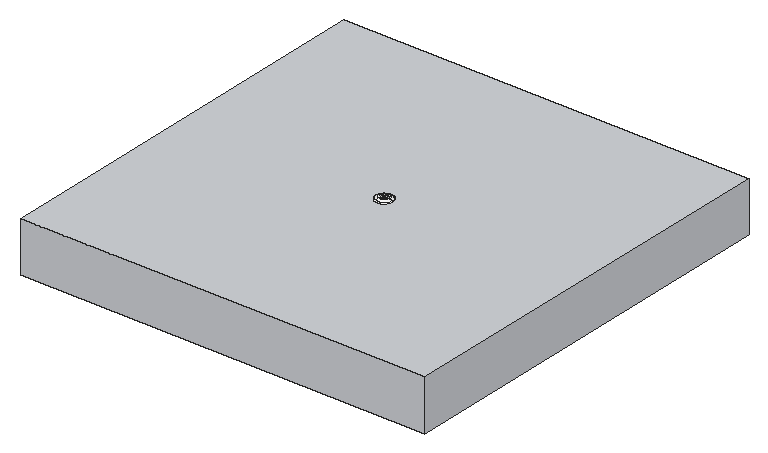
Revit family "Legrand_Lighting_Management_SCS_Presence_Sensor_Ceiling", category Dispositifs d'éclairage, Revit 2020
Family settings
  Hôte = Face
  Conserver l'orientation des annotations = Non
  Cote de connecteur circulaire = Utiliser le diamètre
  Type d'élément = Normal
  Couper avec des vides une fois chargée = Non
  Partagée = Non
  Point de calcul de pièce = Non
Parameters (values of type "SCS PIR motion 360° 4m")
  Zone de détection - Présence [instance] = and([Présence SCS PIR/US 360° 4m], Detection area)  # no
  Zone de détection - Mouvement [instance] = and(Mouvement SCS PIR 360° 4m, Detection area)  # no
  Voltage type = ""
  URL = "http://www.legrandoc.com/048820"
  Temperature (MIN) (°C) = 0
  Temperature (MAX) (°C) = 0
  Suitable for wireless transmission = no
  Substation input = no
  Response value sensitivity adjustable = yes
  Response value luminosity adjustable = yes
  Response value luminosity (MIN) (lx) = 0
  Response value luminosity (MAX) (lx) = 0
  Remote operation = no
  RAL-number (akin) = 9003
  Présence SCS PIR/US 360° 4m = no
  Nominal voltage (V) = 0
  Mouvement SCS PIR 360° 4m = yes
  Mounting method = "Flush mounted (plaster)"
  Modèle = "048820"
  Model = "Movement sensor"
  Min. switch-on time (s) = 30
  Maximum mounting height (m) = 2.5
  Max. transmission range sideways (m) = 4
  Max. transmission range frontally (m) = 0
  Max. switching power (W) = 0
  Max. starting current (A) = 0
  Max. duty cycle (mn) = 256
  Liaison neutre = no
  HVAC-control = no
  General Conditions of Use = "https://export.legrand.com/en/terms-of-use-BIM-objects"
  Frequency (MIN) (Hz) = 0
  Frequency (MAX) (Hz) = 0
  Forced switch off = no
  Fabricant = "Legrand"
  Etiquette - Présence [instance] = and([Présence SCS PIR/US 360° 4m], Tag)  # no
  Etiquette - Mouvement [instance] = and(Mouvement SCS PIR 360° 4m, Tag)  # no
  Default Elevation = 1219.2 mm
  Dim function with dimmer basic element = no
  Diameter detection range on floor (m) = 8
  Detection angle horizontal (MIN) (°) = 0
  Detection angle horizontal (MAX) (°) = 360
  Description = "Lighting management--wall mounting-IR-360°-for 47 m² areas - flush mounting"
  Degree of protection (IP) = ""
  Cosses d'artère secondaire = no
  Constant light control = yes
  Colour = White
  Collecteur de terre = no
  Detection area [instance] = no
  Tag [instance] = no
  Alarm function = no
Types (3, lengths in mm): name | URL | Présence SCS PIR/US 360° 4m | Mouvement SCS PIR 360° 4m | Modèle | Diameter detection range on floor (m) | Description
  (no name) | "http://www.legrandoc.com/048820" | no | yes | "048820" | 8 | "Lighting management--wall mounting-IR-360°-for 47 m² areas - flush mounting"
  SCS PIR motion 360° 4m | "http://www.legrandoc.com/048820" | no | yes | "048820" | 8 | "Lighting management--wall mounting-IR-360°-for 47 m² areas - flush mounting"
  SCS PIR/US presence 360° 4m | "http://www.legrandoc.com/048822" | yes | no | "048822" | 11 | "Lighting management--wall mounting-DT-360°-for 93 m² areas - flush mounting"
Reference planes
  plane 1 "Centre (avant/arrière)": y = 0
  plane 2: z = 0
  plane 3 "Centre (gauche/droite)": x = 0
Forms (mm)
  Extrusion 1, solid
    sketch origin (0, 0, 0) x (1, 0, 0) y (0, 1, 0)
      loop
        line (-1219.2, 1219.2) -> (-1219.2, -1219.2) -> (1219.2, -1219.2) -> (1219.2, 1219.2) -> (-1219.2, 1219.2)
    from 0 to -304.8
Dimensions and locks
  aligned and locked: plane 2 to Extrusion 1
  aligned and locked: level to Extrusion 1
Nested families
  nested 1: "Modelisation 6" at (0, 0, -35), visible <- "Mouvement SCS PIR 360° 4m", type "Modelisation 6"
  nested 2: "Modélisation 7" at (0, 0, -42.45), visible <- "Présence SCS PIR/US 360° 4m", type "Modélisation 7"
  nested 3: "Zone de détection - Présence" at (0, 0, 0), visible <- "Zone de détection - Présence", type "Zone de détection - Présence"
  nested 4: "Zone de détection - Mouvement" at (0, 0, 0), visible <- "Zone de détection - Mouvement", type "Zone de détection - Mouvement"
  nested 5: "Etiquette de zone" at (-40, 3836.604, 0), visible <- "Etiquette - Mouvement", type "Etiquette de zone Mouvement"
  nested 6: "Etiquette de zone" at (-40, 5396.604, 0), visible <- "Etiquette - Présence", type "Etiquette de zone Présence"
Connectors
  electrical at (0, 0, 0)
    settings: index 1, voltage 230 V, apparent load 0 VA, apparent load phase1 0 VA, apparent load phase2 0 VA, apparent load phase3 0 VA, power factor 1, load classification "Eclairage", number of poles 1, system type 30, power factor state 1, is connector primary yes, connector utility no, sub classification motor no, connector description ""
Definition of nested family "Modelisation 6"
  Parameters (values of type "Modelisation 6")
    Matériau couleur = none
    built-in parameter 1140140 [instance] = 1 (stored number, unit not read)
    Default Elevation = 0 mm
    built-in parameter 1140142 [instance] = -1
    built-in parameter 1155100 [instance] = -1
  Reference planes
    plane 1 "Centre (avant/arrière)": y = 0
    plane 2: z = 0
    plane 3 "Centre (gauche/droite)": x = 0
    plane 4: z = 0
  Forms (mm)
    Extrusion 1, solid, material <- "Matériau couleur"
      sketch origin (0, 0, 0) x (1, 0, 0) y (0, 1, 0)
        loop
          line (-26, 25) -> (-26, -25) -> (26, -25) -> (26, 25) -> (-26, 25)
      from 0 to 35
    Extrusion 2, void
      sketch origin (0, 0, 0) x (1, 0, 0) y (0, 0, 1)
        loop
          line (-6, 0) -> (26, 0) -> (26, 15.035) -> (-6, 15.035) -> (-6, 0)
      from 0 to 25
    Revolve 3, solid, material <- "Matériau couleur"
      sketch origin (1.358, 0.055, -26.338) x (0, 0, 1) y (-1, 0, 0)
        loop
          arc (61.338, -49.642) -> (62.26, -46.64) -> (63.386, -43.708) r 45.62
          arc (63.386, -43.708) -> (66.838, -36.184) -> (70.721, -28.872) r 142.583
          arc (70.721, -28.872) -> (71.869, -25.627) -> (72.338, -22.217) r 16.945
          line (72.338, -22.217) -> (72.338, 1.358) -> (61.338, 1.358) -> (61.338, -49.642)
        axis (61.338, 1.358) -> (72.338, 1.358)
      angle from 0 to 360
    Extrusion 4, void
      sketch origin (50.589, 0.055, 0) x (0, -1, 0) y (1, 0, 0)
        loop
          arc (-4.645, -21.741) -> (-6.31, -22.43) -> (-7, -24.096) r 2.355
          line (-7, -24.096) -> (-7, -30.749) -> (7, -30.749) -> (7, -24.096)
          arc (7, -24.096) -> (6.31, -22.43) -> (4.645, -21.741) r 2.355
          line (4.645, -21.741) -> (-4.645, -21.741)
      from 41 to 46
    Revolve 5, solid
      sketch origin (1.358, 0.055, -34.438) x (0, 0, 1) y (-1, 0, 0)
        loop
          line (83.37, -17.589) -> (86.438, -11.067) -> (86.438, 1.358) -> (80.438, 1.358) -> (80.438, -19.642) -> (83.37, -17.589)
        axis (80.438, 1.358) -> (86.438, 1.358)
      angle from 0 to 360
  Cuts and joins
    Extrusion 2 cuts Extrusion 1
    Extrusion 4 cuts Revolve 3
  Dimensions and locks
    aligned and locked: level to plane 2
    aligned and locked: Extrusion 1 to plane 4
Definition of nested family "Modélisation 7"
  Parameters (values of type "Modélisation 7")
    Matériau couleur = none
    built-in parameter 1140140 [instance] = 1 (stored number, unit not read)
    Default Elevation = 0 mm
    built-in parameter 1140142 [instance] = -1
    built-in parameter 1155100 [instance] = -1
  Reference planes
    plane 1 "Centre (avant/arrière)": y = 0
    plane 2: z = 0
    plane 3 "Centre (gauche/droite)": x = 0
    plane 4: z = 0
  Forms (mm)
    Extrusion 1, solid, material <- "Matériau couleur"
      sketch origin (0, 0, 0) x (1, 0, 0) y (0, 1, 0)
        loop
          line (-14.185, 25) -> (-25, 16.313) -> (-25, -16.313) -> (-14.185, -25) -> (14.185, -25) -> (25, -16.313) -> (25, 16.313) -> (14.185, 25) -> (-14.185, 25)
      from 0 to 42.45
    Extrusion 2, void
      sketch origin (0, 0, 0) x (0, 1, 0) y (0, 0, 1)
        loop
          line (-5, 0) -> (25, 0) -> (25, 17.5) -> (-5, 17.5) -> (-5, 0)
      from 0 to 25
    Revolve 3, solid, material <- "Matériau couleur"
      sketch origin (1.358, 0.025, -18.888) x (0, 0, 1) y (-1, 0, 0)
        loop
          arc (61.338, -59.642) -> (62.317, -57.648) -> (63.386, -55.701) r 48.532
          line (63.386, -55.701) -> (70.721, -38.872)
          arc (70.721, -38.872) -> (71.869, -35.627) -> (72.338, -32.217) r 16.945
          line (72.338, -32.217) -> (72.338, 1.358) -> (61.338, 1.358) -> (61.338, -59.642)
        axis (61.338, 1.358) -> (72.338, 1.358)
      angle from 0 to 360
    Extrusion 4, void
      sketch origin (-0.866, 0.025, 7.45) x (0, -1, 0) y (1, 0, 0)
        loop
          arc (7.743, 30.655) -> (0, 31.636) -> (-7.743, 30.655) r 31.035
          arc (-7.743, 30.655) -> (-10.04, 27.356) -> (-7.779, 24.032) r 3.545
          arc (-7.779, 24.032) -> (-7.108, 24.108) -> (-6.442, 24.22) r 12.395
          arc (-6.442, 24.22) -> (0, 24.671) -> (6.442, 24.22) r 46.217
          arc (6.442, 24.22) -> (7.108, 24.108) -> (7.779, 24.032) r 12.395
          arc (7.779, 24.032) -> (10.04, 27.356) -> (7.743, 30.655) r 3.545
      from 44 to 46
    Extrusion 5, void
      sketch origin (0, 0.025, 7.45) x (0, 1, 0) y (-1, 0, 0)
        loop
          circle (31.271, 0) r 7
      from 41.538 to 46
    Extrusion 6, void
      sketch origin (0, 0.025, 7.45) x (0, -1, 0) y (1, 0, 0)
        loop
          circle (31.271, 0) r 7
      from 41.538 to 46
    Extrusion 7, solid, material <- "Matériau couleur"
      sketch origin (0, 0.018, 7.45) x (-1, 0, 0) y (0, 0, -1)
        loop
          line (4.171, -35) -> (-4.171, -35)
          arc (-4.171, -35) -> (-2.97, -35.322) -> (-2.09, -36.201) r 2.402
          arc (-2.09, -36.201) -> (-1.207, -37.085) -> (0, -37.408) r 2.414
          arc (0, -37.408) -> (1.207, -37.085) -> (2.09, -36.201) r 2.414
          arc (2.09, -36.201) -> (2.97, -35.322) -> (4.171, -35) r 2.402
      from 52.702 to 61.018
    Revolve 8, solid
      sketch origin (1.358, 0.025, -28.438) x (0, 0, 1) y (-1, 0, 0)
        loop
          line (83.37, -17.589) -> (86.438, -11.067) -> (86.438, 1.358) -> (80.438, 1.358) -> (80.438, -19.642) -> (83.37, -17.589)
        axis (80.438, 1.358) -> (86.438, 1.358)
      angle from 0 to 360
    Extrusion 9, void
      sketch origin (0, 0.025, 7.45) x (0, 1, 0) y (-1, 0, 0)
        loop
          spline (40.23, 0) -> (38.859, 5.435) -> (34.84, 10.5) -> (28.447, 14.849) -> (20.115, 18.187) -> (10.412, 20.284) -> (0, 21) -> (-10.412, 20.284) -> (-20.115, 18.187) -> (-28.447, 14.849) -> (-34.84, 10.5) -> (-38.859, 5.435) -> (-40.23, 0)
          spline (-40.23, 0) -> (-38.859, -5.435) -> (-34.84, -10.5) -> (-28.447, -14.849) -> (-20.115, -18.187) -> (-10.412, -20.284) -> (0, -21) -> (10.412, -20.284) -> (20.115, -18.187) -> (28.447, -14.849) -> (34.84, -10.5) -> (38.859, -5.435) -> (40.23, 0)
      from 44.383 to 52.481
  Cuts and joins
    Extrusion 2 cuts Extrusion 1
    Extrusion 4, Extrusion 5, Extrusion 6, Extrusion 9 cuts Revolve 3
  Dimensions and locks
    Revolve 3 sketch curve to Revolve 3 sketch curve = 27.425 mm
    aligned and locked: level to plane 2
    aligned and locked: Extrusion 1 to plane 4
    aligned and locked: plane 4 to plane 2
Definition of nested family "Zone de détection - Présence"
  Reference planes
    plane 1 "Centre (avant/arrière)": y = 0
    plane 2: z = 0
    plane 3 "Centre (gauche/droite)": x = 0
  Lines and regions (mm)
    detail lines, in view "Niveau de réf."
      curve 1: circle (0, 0, 0) r 2000 normal (0, 0, 1)
      curve 2: circle (0, 0, 0) r 3000 normal (0, 0, 1)
      curve 3: circle (0, 0, 0) r 5500 normal (0, 0, 1)
Definition of nested family "Zone de détection - Mouvement"
  Reference planes
    plane 1 "Centre (avant/arrière)": y = 0
    plane 2: z = 0
    plane 3 "Centre (gauche/droite)": x = 0
  Lines and regions (mm)
    detail lines, in view "Niveau de réf."
      curve 1: circle (0, 0, 0) r 2000 normal (0, 0, 1)
      curve 2: circle (0, 0, 0) r 3000 normal (0, 0, 1)
      curve 3: circle (0, 0, 0) r 3250 normal (0, 0, 1)
      curve 4: circle (0, 0, 0) r 4000 normal (0, 0, 1)
Definition of nested family "Etiquette de zone"
  Parameters (values of type "Etiquette de zone")
    Etiquette de zone = ""
  Reference planes
    plane 1: y = 0
    plane 2: x = 0
  Text (mm)
    label "Etiquette de zone" at (0.638, -4.46, 0), shows "Etiquette de zone"
